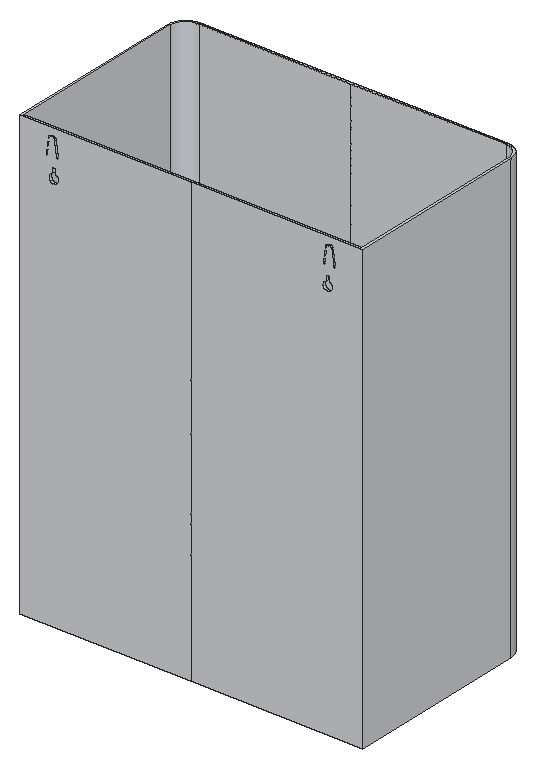
Revit family "AX8928_0012", category Appareils sanitaires, Revit 2016
Family settings
  Hôte = Mur
  Type d'élément = Normal
  Cote de connecteur circulaire = Utiliser le diamètre
  Numéro OmniClass = 23.75.00.00
  Titre OmniClass = Climate Control (HVAC)
  Toujours verticalement = Oui
  Couper avec des vides une fois chargée = Non
  Partagée = Non
  Point de calcul de pièce = Non
Parameters (values of type "Type 1")
  URL = "http://www.axeuro.com/fr/poubelles/25337-poubelle-murale-ax8928.html?search_query=ax8928&results=5"
  Type de produit / Type of product = "Poubelle / Waste receptacle"  # constant formula
  Référence / Reference = "AX8928, AX8928P, AX8928W"  # constant formula
  Model = ""
  Manufacturer = ""
  Entreprise / Company = "Axeuro"  # constant formula
  Description = ""
Reference planes
  plane 1 "Mur": y = 0
  plane 2 "Centre (gauche/droite)": x = 0
  plane 3 "Arrière": y = 75
  plane 4: z = 285
Forms (mm)
  Extrusion 1, solid
    sketch origin (-180.5, -95, 0) x (1, 0, 0) y (0, 1, 0)
      loop
        line (-13.5, 170) -> (179.5, 170) -> (374.5, 170) -> (374.5, 379.853)
        arc (374.5, 379.853) -> (368.599, 394.099) -> (354.353, 400) r 20.147
        line (354.353, 400) -> (179.5, 400) -> (6.647, 400)
        arc (6.647, 400) -> (-7.599, 394.099) -> (-13.5, 379.853) r 20.147
        line (-13.5, 379.853) -> (-13.5, 170)
      loop
        line (179.5, 397.6) -> (6.647, 397.6)
        arc (6.647, 397.6) -> (-5.902, 392.402) -> (-11.1, 379.853) r 17.747
        line (-11.1, 379.853) -> (-11.1, 172.4) -> (179.5, 172.4) -> (372.1, 172.4) -> (372.1, 379.853)
        arc (372.1, 379.853) -> (366.902, 392.402) -> (354.353, 397.6) r 17.747
        line (354.353, 397.6) -> (179.5, 397.6)
    from 284 to 790
  Extrusion 2, void
    sketch origin (-54.723, 0, 10.438) x (1, 0, 0) y (0, 0, 1)
      loop
        arc (-102.277, 733.673) -> (-100.255, 723.071) -> (-98.316, 733.688) r 5.49
        line (-98.316, 733.688) -> (-98.316, 738.673)
        arc (-98.316, 738.673) -> (-100.297, 740.013) -> (-102.277, 738.673) r 2.134
        line (-102.277, 738.673) -> (-102.277, 733.673)
    from -75 to -77.6
  Extrusion 3, void
    sketch origin (-275.332, 0, 116.909) x (-1, 0, 0) y (0, 0, -1)
      loop
        line (-121.35, -661.527) -> (-123.481, -644.931)
        arc (-123.481, -644.931) -> (-124.633, -644.042) -> (-125.522, -645.195) r 1.029
        line (-125.522, -645.195) -> (-123.376, -661.721)
        arc (-123.376, -661.721) -> (-121.726, -664.831) -> (-118.438, -666.091) r 5.016
        arc (-118.438, -666.091) -> (-115.15, -664.831) -> (-113.5, -661.721) r 5.016
        line (-113.5, -661.721) -> (-111.353, -645.195)
        arc (-111.353, -645.195) -> (-112.242, -644.042) -> (-113.395, -644.931) r 1.029
        line (-113.395, -644.931) -> (-115.525, -661.527)
        arc (-115.525, -661.527) -> (-116.5, -663.341) -> (-118.438, -664.041) r 2.882
        arc (-118.438, -664.041) -> (-120.375, -663.341) -> (-121.35, -661.527) r 2.882
    from -77.4 to -75
  Extrusion 4, void
    sketch origin (54.766, 0, 10.438) x (-1, 0, 0) y (0, 0, -1)
      loop
        line (-102.277, -733.673) -> (-102.277, -738.673)
        arc (-102.277, -738.673) -> (-100.297, -740.013) -> (-98.316, -738.673) r 2.134
        line (-98.316, -738.673) -> (-98.316, -733.688)
        arc (-98.316, -733.688) -> (-100.255, -723.071) -> (-102.277, -733.673) r 5.49
    from -75 to -77.6
  Extrusion 5, void
    sketch origin (275.375, 0, 116.909) x (1, 0, 0) y (0, 0, 1)
      loop
        arc (-121.35, 661.527) -> (-120.375, 663.341) -> (-118.438, 664.041) r 2.882
        arc (-118.438, 664.041) -> (-116.5, 663.341) -> (-115.525, 661.527) r 2.882
        line (-115.525, 661.527) -> (-113.395, 644.931)
        arc (-113.395, 644.931) -> (-112.242, 644.042) -> (-111.353, 645.195) r 1.029
        line (-111.353, 645.195) -> (-113.5, 661.721)
        arc (-113.5, 661.721) -> (-115.15, 664.831) -> (-118.438, 666.091) r 5.016
        arc (-118.438, 666.091) -> (-121.726, 664.831) -> (-123.376, 661.721) r 5.016
        line (-123.376, 661.721) -> (-125.522, 645.195)
        arc (-125.522, 645.195) -> (-124.633, 644.042) -> (-123.481, 644.931) r 1.029
        line (-123.481, 644.931) -> (-121.35, 661.527)
    from -77.4 to -75
  Extrusion 6, solid
    sketch origin (0, 0, 0) x (1, 0, 0) y (0, 1, 0)
      loop
        line (-194, 284.853) -> (-194, 75) -> (-1, 75) -> (194, 75) -> (194, 284.853)
        arc (194, 284.853) -> (188.099, 299.099) -> (173.853, 305) r 20.147
        line (173.853, 305) -> (-1, 305) -> (-173.853, 305)
        arc (-173.853, 305) -> (-188.099, 299.099) -> (-194, 284.853) r 20.147
    from 284 to 286.4
Cuts and joins
  Extrusion 2, Extrusion 3, Extrusion 4, Extrusion 5 cuts Extrusion 1
  joined: Extrusion 1, Extrusion 6
Lines and regions (mm)
  reference lines
    curve 1: line (146.642, 0, 200) -> (146.642, 0, 202.363)
    curve 2: line (143.899, 75, 200) -> (143.899, 75, 202.363)
Text (mm)
  text "Côté de la mise en place" at (-1820.995, 1116.779, 0), in view "Niveau de réf."
  text "Côté de la mise en place" at (0, 1334.055, 2976.191), in view "Gauche"
  text "Côté de la mise en place" at (0, 439.194, 2944.362), in view "Droite"
Dimensions and locks
  locked: plane 3 "Arrière" to host wall
  aligned and locked: plane 1 "Mur" to host wall
  aligned and locked: cut or joined group of Extrusion 1, Extrusion 2, Extrusion 3, Extrusion 4, Extrusion 5, Extrusion 6 to Extrusion 2
